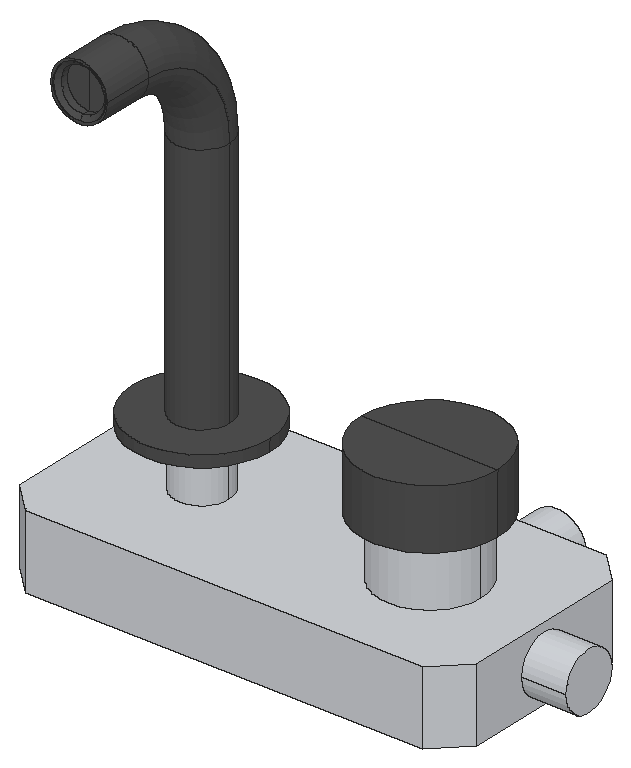
Revit family "Reece_Tap_Milli_Pure_Bath Mixer System_160 mm Reach", category Plumbing Fixtures, host Face, Revit 2018
Family settings
  Host = Face
  Round Connector Dimension = Use Diameter
  Part Type = Normal
  Cut with Voids When Loaded = No
  Shared = Yes
  Room Calculation Point = Yes
Parameters (values of type "Matte Black")
  WFU = 0  # constant formula
  URL = "https://www.reece.com.au/product/-2299028"
  Type Comments = "Tap"
  Reece_Tap_Reach = 160 mm  # constant formula
  Reece_Tap_Inlet = 25 mm  # constant formula
  Reece_Product_Web Page = "https://www.reece.com.au/product/-2299028"
  Reece_Product_Type = "Tap"  # constant formula
  Reece_Product_Sub Brand = "Pure"  # constant formula
  Reece_Product_Number = "2299028"
  Reece_Product_Mount = "Wall Mounted"
  Reece_Product_Description = "Milli Pure Progressive Wall Bath Mixer Tap System 160mm Matte Black"
  Reece_Product_Brand = "Milli"  # constant formula
  Reece_Overall_Length = 172.5 mm  # constant formula
  Reece_Material-Main = Reece_Brass_Matte Black
  Reece_Detail_Installation = ""
  Reece_Detail_Disclaimer = "THIS FILE IS THE PROPERTY OF THE REECE GROUP. IT MAY NOT BE REPRODUCED, REVERSE-ENGINEERED OR MODIFIED. ANY REPUBLICATION, TRANSMISSION OR DISTRIBUTION FOR THE PURPOSE OF COMMERCIALLY EXPLOITING THE FILES IS PROHIBITED."  # constant formula
  Reece_Detail_Connector = ""
  Reece_Detail_Additional = ""
  Model = "Pure"
  Manufacturer = "Milli"
  Keynote = "Product #2299028, Reece_Tap_Milli_Pure_Bath Mixer System_160 mm Reach - Matte Black"
  HWFU = 0  # constant formula
  Disclaimer = "THIS FILE IS THE PROPERTY OF THE REECE GROUP. IT MAY NOT BE REPRODUCED, REVERSE-ENGINEERED OR MODIFIED. ANY REPUBLICATION, TRANSMISSION OR DISTRIBUTION FOR THE PURPOSE OF COMMERCIALLY EXPLOITING THE FILES IS PROHIBITED."  # constant formula
  Description = "Milli Pure Progressive Wall Bath Mixer Tap System 160mm Matte Black"
  Default Elevation = 1000 mm
  CWFU = 0  # constant formula
Types (7, lengths in mm): name | URL | Reece_Product_Web Page | Reece_Product_Number | Reece_Product_Description | Reece_Material-Main | Keynote | Description
  (no name) | "https://www.reece.com.au/product/-2299034" | "https://www.reece.com.au/product/-2299034" | "2299034" | "Milli Pure Progressive Wall Bath Mixer Tap System 160mm Brushed Gunmetal" | Reece_Brass_Brushed Gunmetal | "Product #2299034, Reece_Tap_Milli_Pure_Bath Mixer System_160 mm Reach -  " | "Milli Pure Progressive Wall Bath Mixer Tap System 160mm Brushed Gunmetal"
  Brushed Gunmetal | "https://www.reece.com.au/product/-2299034" | "https://www.reece.com.au/product/-2299034" | "2299034" | "Milli Pure Progressive Wall Bath Mixer Tap System 160mm Brushed Gunmetal" | Reece_Brass_Brushed Gunmetal | "Product #2299034, Reece_Tap_Milli_Pure_Bath Mixer System_160 mm Reach - Brushed Gunmetal" | "Milli Pure Progressive Wall Bath Mixer Tap System 160mm Brushed Gunmetal"
  Brushed Nickel | "https://www.reece.com.au/product/-2299289" | "https://www.reece.com.au/product/-2299289" | "2299289" | "Milli Pure Progressive Wall Bath Mixer Tap System 160mm Brushed Nickel" | Reece_Brass_Brushed Nickel | "Product #2299289, Reece_Tap_Milli_Pure_Bath Mixer System_160 mm Reach - Brushed Nickel" | "Milli Pure Progressive Wall Bath Mixer Tap System 160mm Brushed Nickel"
  Chrome | "https://www.reece.com.au/product/-2299025" | "https://www.reece.com.au/product/-2299025" | "2299025" | "Milli Pure Progressive Wall Bath Mixer Tap System 160mm Chrome" | Reece_Brass_Chrome | "Product #2299025, Reece_Tap_Milli_Pure_Bath Mixer System_160 mm Reach - Chrome" | "Milli Pure Progressive Wall Bath Mixer Tap System 160mm Chrome"
  Matte Black | "https://www.reece.com.au/product/-2299028" | "https://www.reece.com.au/product/-2299028" | "2299028" | "Milli Pure Progressive Wall Bath Mixer Tap System 160mm Matte Black" | Reece_Brass_Matte Black | "Product #2299028, Reece_Tap_Milli_Pure_Bath Mixer System_160 mm Reach - Matte Black" | "Milli Pure Progressive Wall Bath Mixer Tap System 160mm Matte Black"
  PVD Brushed Bronze | "https://www.reece.com.au/product/-9511152" | "https://www.reece.com.au/product/-9511152" | "9511152" | "Milli Pure Progressive Bath Mixer Tap System 160mm PVD Brushed Bronze" | Reece_PVD_Brushed Bronze | "Product #9511152, Reece_Tap_Milli_Pure_Bath Mixer System_160 mm Reach - PVD Brushed Bronze" | "Milli Pure Progressive Bath Mixer Tap System 160mm PVD Brushed Bronze"
  PVD Brushed Gold | "https://www.reece.com.au/product/-9510967" | "https://www.reece.com.au/product/-9510967" | "9510967" | "Milli Pure Progressive Bath Mixer Tap System 160mm PVD Brushed Gold" | Reece_PVD_Brushed Gold | "Product #9510967, Reece_Tap_Milli_Pure_Bath Mixer System_160 mm Reach - PVD Brushed Gold" | "Milli Pure Progressive Bath Mixer Tap System 160mm PVD Brushed Gold"
Reference planes
  plane 1 "Center (Front/Back)": y = 0
  plane 2 "Bottom": z = 0
  plane 3 "Center (Left/Right)": x = 0
  plane 4 "Top": z = 172.5
  plane 5: z = 160
  plane 6: x = -50
  plane 7: x = 50
  plane 8: z = 28
  plane 9: z = -25
  plane 10: z = -57
Forms (mm)
  Extrusion 1, solid, material "Reece_Brass_Matte Black" <- "Reece_Material-Main"
    sketch origin (-50, 0, 0) x (1, 0, 0) y (0, 1, 0)
      loop
        circle (0, 0) r 30
      loop
        circle (0, 0) r 12.5
    from 0 to 5
  Sweep 2, solid, material "Reece_Brass_Matte Black" <- "Reece_Material-Main"
    path origin (0, 0, 0) x (0, 1, 0) y (0, 0, 1)
      loop
        line (-67, 160) -> (-45, 160)
        arc (-45, 160) -> (-13.18, 146.82) -> (0, 115) r 45
        line (0, 115) -> (0, 0)
    profile origin (0, 0, 57.5) x (1, 0, 0) y (0, 1, 0)
      loop
        circle (-50, 0) r 12.5
      loop
        circle (-50, 0) r 11.5
  Extrusion 3, solid
    sketch origin (0, 0, 0) x (1, 0, 0) y (0, 1, 0)
      loop
        line (-87, 50) -> (-100, 37) -> (-100, -37) -> (-87, -50) -> (87, -50) -> (100, -37) -> (100, 37) -> (87, 50) -> (-87, 50)
    from -57 to -25
  Extrusion 4, void
    sketch origin (0, 0, 0) x (1, 0, 0) y (0, 1, 0)
      loop
        circle (50, 0) r 26
      loop
        circle (-50, 0) r 13
    from -25 to 0
  Extrusion 5, solid
    sketch origin (0, 0, 0) x (1, 0, 0) y (0, 1, 0)
      loop
        circle (50, 0) r 22.5
    from -25 to 0
  Extrusion 6, solid
    sketch origin (0, 0, 0) x (1, 0, 0) y (0, 1, 0)
      loop
        circle (-50, 0) r 12
    from -25 to 0
  Extrusion 7, solid
    sketch origin (-0.101, 0.084, 0) x (0.999999, -0.001684, 0) y (0, 0, -1)
      loop
        circle (50, 41) r 12.5
    from 50 to 69.637
  Extrusion 8, solid
    sketch origin (50.105, -50.084, 0) x (-0.001684, 0.999999, 0) y (0, 0, 1)
      loop
        circle (50, -41) r 12.5
    from 50 to 69.637
  Revolve 9, solid, material "Reece_Brass_Matte Black" <- "Reece_Material-Main"
    sketch origin (-50.005, -0.032, 0) x (0, 1, 0) y (0, 0, 1)
      loop
        line (-64.968, 169.5) -> (-61.9, 169.5) -> (-61.9, 160) -> (-59.9, 160) -> (-59.9, 171.5) -> (-66.968, 171.5) -> (-64.968, 169.5)
      axis (-66.968, 160) -> (-59.9, 160)
    angle from 0 to 360
  Revolve 10, solid, material "Reece_Brass_Matte Black" <- "Reece_Material-Main"
    sketch origin (0, 0, 0) x (1, 0, 0) y (0, 0, 1)
      loop
        line (80, 28) -> (50, 28) -> (50, 0) -> (77, 0) -> (77, 1.564) -> (80, 1.564) -> (80, 28)
      axis (50, 28) -> (50, 0)
    angle from 0 to 360
Cuts and joins
  Extrusion 4 cuts Extrusion 1
  Extrusion 4 cuts Sweep 2
  joined: Extrusion 1, Sweep 2
  joined: Extrusion 3, Extrusion 7, Extrusion 8
Text (mm)
  text "Reece Copyright © 2018, Reece Ltd." at (-1403.988, -1192.393, 0), in view "Ref. Level"
  text "Reece ©" at (-9.077, 133.301, 120.157), in view "Reece Preview"
Dimensions and locks
  "Reece_Overall_Length": plane 4 "Top" to plane 2 "Bottom"
  "Reece_Tap_Reach": plane 5 to plane 2 "Bottom"
  plane 1 "Center (Front/Back)" to cut or joined group of Extrusion 1, Sweep 2, Extrusion 4 = 67 mm
  aligned and locked: plane 2 "Bottom" to host face
  aligned and locked: level to host face
  aligned and locked: level to Extrusion 4
  aligned and locked: plane 5 to Revolve 9 sketch curve
  aligned and locked: Extrusion 4 to Extrusion 5
  aligned and locked: plane 7 to Revolve 10 sketch curve
  aligned and locked: Extrusion 3 to Extrusion 5
  aligned and locked: Extrusion 3 to plane 10
Automatic sketch dimensions
  host sketch curve to host sketch curve = 380.785 mm
  host sketch curve to host sketch curve = 317.421 mm
  plane 1 "Center (Front/Back)" to Extrusion 1 sketch curve = 0 mm
  Extrusion 1 sketch curve to plane 3 "Center (Left/Right)" = 50 mm
  Sweep 2 sketch curve to plane 5 = 0 mm
  level to Sweep 2 sketch curve = 0 mm
  Sweep 2 sketch curve to plane 1 "Center (Front/Back)" = 0 mm
  plane 1 "Center (Front/Back)" to Sweep 2 sketch curve = 45 mm
  Sweep 2 sketch curve to Sweep 2 sketch curve = 22 mm
  profile plane to Sweep 2 sketch curve = 0 mm
  Sweep 2 sketch curve to plane 3 "Center (Left/Right)" = 50 mm
  plane 1 "Center (Front/Back)" to Extrusion 3 sketch curve = 37 mm  (x2)
  Extrusion 3 sketch curve to plane 3 "Center (Left/Right)" = 100 mm
  Extrusion 3 sketch curve to Extrusion 3 sketch curve = 13 mm  (x5)
  plane 3 "Center (Left/Right)" to Extrusion 3 sketch curve = 87 mm  (x2)
  Extrusion 3 sketch curve to plane 1 "Center (Front/Back)" = 37 mm  (x2)
  plane 1 "Center (Front/Back)" to Extrusion 4 sketch curve = 0 mm  (x2)
  Extrusion 4 sketch curve to plane 3 "Center (Left/Right)" = 50 mm
  plane 3 "Center (Left/Right)" to Extrusion 4 sketch curve = 50 mm
  plane 1 "Center (Front/Back)" to Extrusion 5 sketch curve = 0 mm
  plane 3 "Center (Left/Right)" to Extrusion 5 sketch curve = 50 mm
  plane 1 "Center (Front/Back)" to Extrusion 6 sketch curve = 0 mm
  Extrusion 6 sketch curve to plane 3 "Center (Left/Right)" = 50 mm
  Extrusion 7 sketch curve to level = 41 mm
  Extrusion 8 sketch curve to level = 41 mm
  Sweep 2 sketch curve to Sweep 2 sketch curve = 0 mm  (x2)
  Revolve 9 sketch curve to plane 4 "Top" = 1 mm
  plane 5 to Revolve 9 sketch curve = 0 mm
  plane 1 "Center (Front/Back)" to Revolve 9 sketch curve = 67 mm
  Revolve 9 sketch curve to plane 4 "Top" = 3 mm
  Revolve 9 sketch curve to Revolve 9 sketch curve = 2 mm  (x2)
  Revolve 9 sketch curve to Revolve 9 sketch curve = 3.068 mm
  Revolve 9 sketch curve to Revolve 9 sketch curve = 5.1 mm
  Revolve 9 sketch curve to Revolve 9 sketch curve = 0 mm
  Extrusion 1 sketch curve to Extrusion 1 sketch curve = 0 mm  (x2)
  Extrusion 1 sketch curve to Extrusion 1 sketch curve = 12.5 mm
  Revolve 10 sketch curve to plane 4 "Top" = 0 mm
  plane 7 to Revolve 10 sketch curve = 0 mm
  Revolve 10 sketch curve to level = 0 mm
  level to Revolve 10 sketch curve = 1.564 mm
  Revolve 10 sketch curve to plane 7 = 27 mm
  Revolve 10 sketch curve to Revolve 10 sketch curve = 3 mm
  Revolve 10 sketch curve to Revolve 10 sketch curve = 26.436 mm
  Revolve 10 sketch curve to level = 53.5 mm
  radius of Extrusion 1 sketch curve = 30 mm
  radius of Sweep 2 sketch curve = 12.5 mm
  radius of Extrusion 4 sketch curve = 26 mm
  radius of Extrusion 4 sketch curve = 13 mm
  radius of Extrusion 5 sketch curve = 22.5 mm
  radius of Extrusion 6 sketch curve = 12 mm
  radius of Extrusion 7 sketch curve = 12.5 mm
  radius of Extrusion 8 sketch curve = 12.5 mm
  radius of Sweep 2 sketch curve = 11.5 mm
Connectors
  piping at (50.017, 69.637, -41), diameter 25, driven by "Reece_Tap_Inlet"
    settings: on Extrusion 7, index 1, connector inside diameter 609.6 mm, connector length 0 mm, flow factor 0, pipe flow 0.0 L/s, pressure drop 0.0 Pa, fitting loss kfactor 0, connector angle 0.00°, fixture units 0, engagement length 0 mm, angle of deflection 0.00°, flow configuration 0, flow direction 1, fitting loss method 0, system type 29, joint type 0, gender type 0, connector reference index -1, connector utility 0, adjustable connector no, is connector primary yes, connector description ""
  piping at (119.658, 0.033, -41), diameter 25, driven by "Reece_Tap_Inlet"
    settings: on Extrusion 8, index 2, connector inside diameter 609.6 mm, connector length 0 mm, flow factor 0, pipe flow 0.0 L/s, pressure drop 0.0 Pa, fitting loss kfactor 0, connector angle 0.00°, fixture units 0, engagement length 0 mm, angle of deflection 0.00°, flow configuration 0, flow direction 1, fitting loss method 0, system type 29, joint type 0, gender type 0, connector reference index -1, connector utility 0, adjustable connector no, is connector primary no, connector description ""
